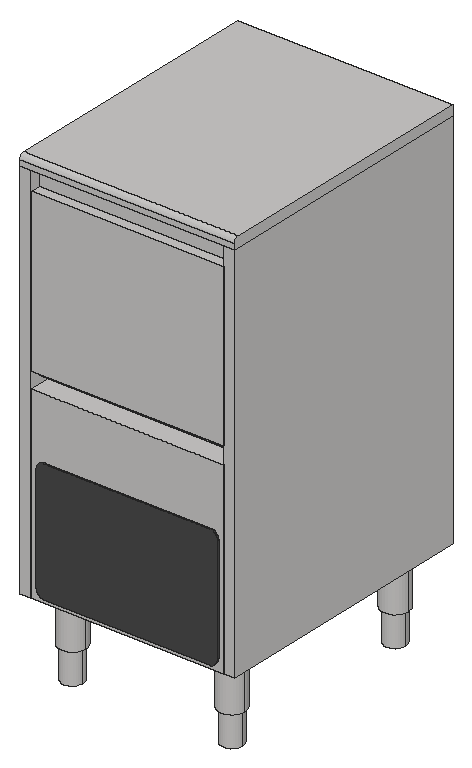
Revit family "QF_ELECTROLUXPROFESSIONAL_730301_ICB32I15SNP", category Attrezzature speciali, Revit 2018
Family settings
  Quota connettore circolare = Usa diametro
  Tipo di parte = Normale
  Basato su piano di lavoro = No
  Sempre verticale = Sì
  Taglio con vuoti quando caricato = No
  Condiviso = No
  Punto di calcolo locali = No
Parameters (values of type "Standard")
  Weight = 40.00 kg
  Watts = 1000 W
  Volts = 220 V
  URL Manufacturer = "https://www.electroluxprofessional.com/"
  URL = "https://www.electroluxprofessional.com/"
  Steam Supply Size = 0 mm
  Steam Supply Minimum Pressure = 0.0 Pa
  Steam Supply Maximum Pressure = 0.0 Pa
  Steam Pounds per Hour = 0
  Show Logo [instance] = yes
  Show Clearance [instance] = yes
  Refrigeration Suction Line Size = 0 mm
  Refrigeration Liquid Line Size = 0 mm
  Refrigerant Compressor Remote = yes
  Produttore = "Electrolux Professional"
  Phase = 1
  Modello = "ICB32I15SNP"
  Length Actual = 405 mm  # constant formula
  Item Number = "730301"
  Hot Water Size = 0 mm
  Height Actual = 849 mm  # constant formula
  HP = "1.3 HP"
  Gas Size = 0 mm
  Gas KW = 0
  Gas Input Pressure = 0 W
  Descrizione = "AIR COOLED ICE CUBER 22GR 32KG/24H-BIN 15KG"
  Depth Actual = 515 mm  # constant formula
  Cycle = 50 Hz
  Condensate Return Size = 0 mm
  Compressed Air Volume = 0.0 L/s
  Compressed Air Size = 0 mm
  Compressed Air Pressure = 0.0 Pa
  Cold Water Size = 19.05 mm
  Accessory = yes
Reference planes
  plane 1 "Center X": y = 272.851
  plane 2: z = 0
  plane 3 "Center Y": x = -501.5
  plane 4 "LEFT": x = -704
  plane 5 "RIGHT": x = -299
  plane 6 "FRONT": y = 15.351
  plane 7 "BACK": y = 530.351
  plane 8: z = 152
  plane 9: z = 896
  plane 10: z = 876
  plane 11: x = -684
  plane 12: x = -319
  plane 13: y = 55.351
Forms (mm)
  Extrusion 1, solid, material "QF_Finishes_Black"
    sketch origin (-217.296, 15.251, 371.513) x (-1, 0, 0) y (0, 0, -1)
      loop
        arc (439.204, -18.487) -> (449.811, -14.093) -> (454.204, -3.487) r 15
        line (454.204, -3.487) -> (454.204, 197.469)
        arc (454.204, 197.469) -> (449.811, 208.075) -> (439.204, 212.469) r 15
        line (439.204, 212.469) -> (126.938, 212.469)
        arc (126.938, 212.469) -> (116.331, 208.075) -> (111.938, 197.469) r 15
        line (111.938, 197.469) -> (111.938, -3.487)
        arc (111.938, -3.487) -> (116.331, -14.093) -> (126.938, -18.487) r 15
        line (126.938, -18.487) -> (439.204, -18.487)
    from 0 to 2
  Extrusion 2, solid, material "QF_Finishes_Stainless Steel"
    sketch origin (-501.5, 0, 0) x (0, 1, 0) y (0, 0, 1)
      loop
        line (530.351, 876) -> (530.351, 896) -> (25.351, 896)
        arc (25.351, 896) -> (18.28, 893.071) -> (15.351, 886) r 10
        line (15.351, 886) -> (15.351, 876) -> (530.351, 876)
    from -202.5 to 202.5
  Extrusion 3, solid, material "QF_Finishes_Stainless Steel"
    sketch origin (-268.7, 530.351, -324.545) x (1, 0, 0) y (0, 0, -1)
      loop
        circle (-76.8, -652.545) r 10
    from 0 to 10
  Extrusion 4, solid, material "QF_Finishes_Stainless Steel"
    sketch origin (0, 0, 0) x (1, 0, 0) y (0, 1, 0)
      loop
        line (-704, 530.351) -> (-704, 15.351) -> (-684, 15.351) -> (-684, 530.351) -> (-704, 530.351)
    from 152 to 876
  Extrusion 5, solid, material "QF_Finishes_Stainless Steel"
    sketch origin (0, 0, 0) x (1, 0, 0) y (0, 1, 0)
      loop
        line (-319, 530.351) -> (-319, 15.351) -> (-299, 15.351) -> (-299, 530.351) -> (-319, 530.351)
    from 152 to 876
  Extrusion 6, solid, material "QF_Finishes_Stainless Steel"
    sketch origin (0, 0, 0) x (1, 0, 0) y (0, 1, 0)
      loop
        line (-684, 530.351) -> (-684, 55.351) -> (-319, 55.351) -> (-319, 530.351) -> (-684, 530.351)
    from 152 to 876
  Extrusion 7, solid, material "QF_Finishes_Stainless Steel"
    sketch origin (0, 0, 0) x (1, 0, 0) y (0, 1, 0)
      loop
        line (-684, 15.351) -> (-319, 15.351) -> (-319, 55.351) -> (-684, 55.351) -> (-684, 15.351)
    from 152 to 506.229
  Extrusion 8, solid, material "QF_Finishes_Stainless Steel"
    sketch origin (-501.5, 0, 0) x (0, 1, 0) y (0, 0, 1)
      loop
        line (55.351, 876) -> (35.351, 876) -> (35.351, 840) -> (15.351, 840) -> (15.351, 536.768) -> (35.351, 536.768) -> (35.351, 521) -> (55.351, 521) -> (55.351, 876)
    from -182.5 to 182.5
  Extrusion 9, solid, material "QF_Finishes_Stainless Steel"
    sketch origin (-263.2, 530.351, -450.545) x (1, 0, 0) y (0, 0, -1)
      loop
        circle (-76.8, -652.545) r 10
    from 0 to 10
  Extrusion 10, solid, material "QF_Finishes_Stainless Steel"
    sketch origin (-288.7, 530.351, -377.545) x (1, 0, 0) y (0, 0, -1)
      loop
        circle (-76.8, -652.545) r 10
    from 0 to 10
Lines and regions (mm)
  Split face 1
    outline origin (-501.5, 35.351, 876) x (0, 0, -1) y (1, 0, 0)
      loop
        line (5.715, 59.928) -> (30.715, 59.928) -> (30.715, 99.928) -> (5.715, 99.928) -> (5.715, 59.928)
  symbolic lines
    curve 1: line (-704, 530.351, 0) -> (-299, 530.351, 0)
    curve 2: line (-704, 15.351, 0) -> (-704, 530.351, 0)
    curve 3: line (-299, 15.351, 0) -> (-704, 15.351, 0)
    curve 4: line (-299, 530.351, 0) -> (-299, 15.351, 0)
Dimensions and locks
  equal spacing: plane 4 "LEFT", plane 3 "Center Y", plane 5 "RIGHT"
  plane 4 "LEFT" to plane 5 "RIGHT" = 405 mm
  equal spacing: plane 7 "BACK", plane 1 "Center X", plane 6 "FRONT"
  plane 7 "BACK" to plane 6 "FRONT" = 515 mm
  plane 8 to plane 2 = 152 mm
  plane 9 to plane 8 = 744 mm
  locked: plane 4 "LEFT" to plane 11 at 20
  locked: plane 12 to plane 5 "RIGHT" at 20
  locked: plane 9 to plane 10 at 20
  locked: plane 13 to plane 6 "FRONT" at 40
  aligned and locked: level to plane 2
  aligned and locked: plane 5 "RIGHT" to Extrusion 2
  aligned and locked: Extrusion 2 to plane 4 "LEFT"
  aligned and locked: Extrusion 4 sketch curve to Extrusion 2  (x2)
  aligned and locked: plane 6 "FRONT" to Extrusion 4 sketch curve
  aligned and locked: Extrusion 4 sketch curve to plane 11
  aligned and locked: Extrusion 5 sketch curve to plane 7 "BACK"
  aligned and locked: plane 12 to Extrusion 5 sketch curve
  aligned and locked: Extrusion 5 sketch curve to Extrusion 2  (x2)
  aligned and locked: plane 10 to Extrusion 4
  aligned and locked: plane 10 to Extrusion 5
  aligned and locked: Extrusion 4 to plane 8
  aligned and locked: Extrusion 5 to plane 8
  aligned and locked: Extrusion 6 sketch curve to Extrusion 4
  aligned and locked: Extrusion 4 to Extrusion 6 sketch curve
  aligned and locked: plane 13 to Extrusion 6 sketch curve
  aligned and locked: Extrusion 6 sketch curve to plane 12
  aligned and locked: plane 10 to Extrusion 6
  aligned and locked: Extrusion 6 to plane 8
  aligned and locked: Extrusion 4 to Extrusion 7 sketch curve
  aligned and locked: Extrusion 7 sketch curve to Extrusion 4
  aligned and locked: plane 13 to Extrusion 7 sketch curve
  aligned and locked: plane 12 to Extrusion 7 sketch curve
  aligned and locked: Extrusion 7 to plane 8
  aligned and locked: plane 12 to Extrusion 8
  aligned and locked: Extrusion 8 to plane 11
Automatic sketch dimensions
  curve 3 to plane 4 "LEFT" = 0 mm
  curve 3 to plane 5 "RIGHT" = 0 mm
  curve 3 to plane 6 "FRONT" = 0 mm
  curve 2 to plane 7 "BACK" = 0 mm
  Extrusion 1 sketch curve to plane 12 = 10.234 mm
  plane 8 to Extrusion 1 sketch curve = 7.044 mm
  Extrusion 1 sketch curve to Extrusion 1 sketch curve = 15 mm  (x3)
  plane 11 to Extrusion 1 sketch curve = 27.5 mm  (x2)
  Extrusion 1 sketch curve to Extrusion 1 sketch curve = 200.956 mm
  Extrusion 2 sketch curve to plane 6 "FRONT" = 0 mm
  Extrusion 2 sketch curve to plane 9 = 0 mm
  Extrusion 2 sketch curve to plane 7 "BACK" = 0 mm
  Extrusion 2 sketch curve to plane 10 = 0 mm
  plane 6 "FRONT" to Extrusion 2 sketch curve = 10 mm
  Extrusion 6 to Extrusion 3 sketch curve = 176 mm
  Extrusion 3 sketch curve to Extrusion 6 = 26.5 mm
  Extrusion 8 sketch curve to plane 6 "FRONT" = 0 mm
  Extrusion 8 sketch curve to plane 10 = 0 mm
  Extrusion 8 sketch curve to plane 13 = 0 mm
  plane 6 "FRONT" to Extrusion 8 sketch curve = 20 mm  (x2)
  Extrusion 8 sketch curve to plane 10 = 36 mm
  Extrusion 8 sketch curve to Extrusion 8 sketch curve = 303.232 mm
  Extrusion 8 sketch curve to Extrusion 8 sketch curve = 15.768 mm
  Split face 1 sketch curve to Extrusion 8 = 5.715 mm
  Extrusion 8 to Split face 1 sketch curve = 5.285 mm
  Split face 1 sketch curve to Extrusion 8 = 122.572 mm
  Split face 1 sketch curve to Split face 1 sketch curve = 40 mm
  Extrusion 9 sketch curve to Extrusion 6 = 21 mm
  Extrusion 6 to Extrusion 9 sketch curve = 50 mm
  Extrusion 10 sketch curve to Extrusion 6 = 46.5 mm
  Extrusion 6 to Extrusion 10 sketch curve = 123 mm
  radius of Extrusion 3 sketch curve = 10 mm
  radius of Extrusion 9 sketch curve = 10 mm
  radius of Extrusion 10 sketch curve = 10 mm
Nested families
  nested 1: "Foot_Complete" at (-652, 74.251, 0), type "Foot_Complete"
    with H 152 mm
  nested 2: "Foot_Complete" at (-351, 74.251, 0) x (-1, 0, 0) z (0, 0, 1), type "Foot_Complete"
    with H 152 mm
  nested 3: "Foot_Complete" at (-652, 459.451, 0), type "Foot_Complete"
    with H 152 mm
  nested 4: "Foot_Complete" at (-351, 459.451, 0) x (-1, 0, 0) z (0, 0, 1), type "Foot_Complete"
    with H 152 mm
Connectors
  electrical at (-340, 540.351, 202), driven by "Volts"
    settings: on Extrusion 9, index 1, voltage 220 V, apparent load 0 VA, apparent load phase1 0 VA, apparent load phase2 0 VA, apparent load phase3 0 VA, power factor 1, load classification "Altro", number of poles 1, system type 30, power factor state 1, is connector primary yes, connector utility no, sub classification motor no, connector description "Electrical Connection"
  piping at (-345.5, 540.351, 328), diameter 20
    settings: on Extrusion 3, index 2, connector inside diameter 609.6 mm, connector length 0 mm, flow factor 0, pipe flow 0.0 L/s, pressure drop 0.0 Pa, fitting loss kfactor 0, connector angle 0.00°, fixture units 0, engagement length 0 mm, angle of deflection 0.00°, flow configuration 0, flow direction 0, fitting loss method 0, system type 20, joint type 0, gender type 0, connector reference index -1, connector utility 0, adjustable connector no, is connector primary yes, connector description "Cold water"
  piping at (-365.5, 540.351, 275), diameter 20
    settings: on Extrusion 10, index 3, connector inside diameter 609.6 mm, connector length 0 mm, flow factor 0, pipe flow 0.0 L/s, pressure drop 0.0 Pa, fitting loss kfactor 0, connector angle 0.00°, fixture units 0, engagement length 0 mm, angle of deflection 0.00°, flow configuration 0, flow direction 0, fitting loss method 0, system type 16, joint type 0, gender type 0, connector reference index -1, connector utility 0, adjustable connector no, is connector primary no, connector description "Drain"
Definition of nested family "Foot_Complete"
  Parameters (values of type "Foot_Complete")
    R = 25 mm
    H = 153 mm
  Reference planes
    plane 1 "Centro (Fronte/Retro)": y = 0
    plane 2: z = 0
    plane 3 "Centro (Sinistra/Destra)": x = 0
    plane 4: z = 153
  Forms (mm)
    Revolve 1, solid
      sketch origin (255.05, 0, 608.09) x (0, 0, 1) y (-1, 0, 0)
        loop
          line (-608.09, 255.05) -> (-608.09, 235.05) -> (-548.09, 235.05) -> (-548.09, 230.05) -> (-455.09, 230.05) -> (-455.09, 255.05) -> (-608.09, 255.05)
        axis (-608.09, 255.05) -> (-455.09, 255.05)
      angle from 0 to 360
  Dimensions and locks
    level to Revolve 1 sketch curve = 60 mm
    "R": Revolve 1 sketch curve to plane 3 "Centro (Sinistra/Destra)"
    "H": plane 4 to level
    aligned and locked: level to plane 2
    aligned and locked: plane 4 to Revolve 1 sketch curve
    aligned and locked: Revolve 1 sketch curve to level
    aligned and locked: plane 3 "Centro (Sinistra/Destra)" to Revolve 1 sketch curve
  Automatic sketch dimensions
    Revolve 1 sketch curve to plane 3 "Centro (Sinistra/Destra)" = 0 mm
    plane 3 "Centro (Sinistra/Destra)" to Revolve 1 sketch curve = 20 mm
    Revolve 1 sketch curve to Revolve 1 sketch curve = 50 mm
    Revolve 1 sketch curve to Revolve 1 sketch curve = 20 mm
